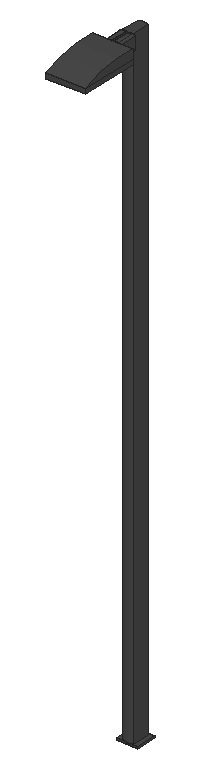
Revit family "VPS", category Lighting Fixtures, host Face, Revit 2014
Parameters (values of type "VP-S-24E2-45-AMB-2")
  Wattage Comments = ""
  Warranty = "5 year limited warranty"  # constant formula
  Voltage = 120 V
  URL = "https://www.hubbell.com/beacon/en/"
  Sensor Type = "Passive Infrared with Photoresistor"  # constant formula
  Product Page URL = "https://www.hubbell.com/hubbelllightingci/en/Products/Lighting-Controls/Commercial-Outdoor-Lighting/Area-Site-Roadway/Viper-Small-Strike-Optic/p/249168"
  Product Documentation Link = "https://hubbellcdn.com/specsheet/Viper_Small_LED_turtle_spec_sheet.pdf"
  Pole Height [instance] = 180.000"
  Pivot calc. = 89.00° + Pivot Angle + 1.00°  # 90.00°
  Pivot Angle = 0.00°
  Model = "Viper Small Strike Optic"  # constant formula
  Manufacturer = "Beacon Lighting"  # constant formula
  Light Source Height [instance] = Pole Height - 6.000"  # 174.000"
  Length = 22.750"
  Lamp = "LED"  # constant formula
  Industry Standards = "CSA C/US Listed"  # constant formula
  Height = 5.500"
  Head = Head : Small
  Finish = Basic Black Textured
  Description = "The Small Viper luminaire is available with a wide choice of different LED wattage configurations and optical distributions designed to replace HID lighting up to 400W MH or HPS. 4 different mounting options allow for application in a wide variety of new and existing installations."  # constant formula
  Default Elevation = 48.000"
  Create Date = "11/26/2019"  # constant formula
  Controls = "On/Off\r\nScheduled Dimming\r\nLuminaire Grouping\r\nOccupancy Detection\r\nDusk-to-Dawn Operation\r\nLumen Maintenance Compensation"  # constant formula
  Contact Us = "https://www.hubbell.com/hubbelllightingci/en/contactUs"
  Application = "Parking Area, Site Lighting"  # constant formula
  Apparent Load = 0 VA
Reference planes (in)
  plane 1 "Center (Front/Back)": y = 0
  plane 2: z = 0
  plane 3 "Center (Left/Right)": x = 0
  plane 4: x = -3
  plane 5: x = 3
  plane 6: y = -3
  plane 7: y = 3
  plane 8: z = 0.5
  plane 9: z = 5.5
  plane 10: z = 18.25
  plane 11: z = 174
Forms (in)
  Extrusion 1, solid, material "Basic Black Textured"
    sketch origin (0, 0, 0) x (1, 0, 0) y (0, 1, 0)
      loop
        line (-3, 3) -> (-3, -3) -> (3, -3) -> (3, 3) -> (-3, 3)
    from 0 to 0.5
  Extrusion 2, solid, material "Basic Black Textured" <- "Finish"
    sketch origin (0, 0, 0) x (1, 0, 0) y (0, 1, 0)
      loop
        arc (-1.54282, -2.57288) -> (-0.04944, -2.99959) -> (1.45718, -2.62233) r 3
        line (1.45718, -2.62233) -> (1.45718, 2.62233)
        arc (1.45718, 2.62233) -> (-0.04944, 2.99959) -> (-1.54282, 2.57288) r 3
        line (-1.54282, 2.57288) -> (-1.54282, -2.57288)
    from 0 to 180 <- "Pole Height"
Dimensions and locks (in)
  equal spacing: plane 4, plane 3 "Center (Left/Right)", plane 5, locked at 3 each
  plane 6 to plane 7 = 6.000"
  equal spacing: plane 6, plane 1 "Center (Front/Back)", plane 7, locked at 3 each
  locked: plane 8 to plane 2 at 0.5
  "Height": plane 9 to plane 2
  locked: plane 10 to plane 9 at 12.75
  "Light Source Height": plane 11 to plane 2
  aligned and locked: plane 2 to host face
  aligned and locked: level to host face
  aligned and locked: plane 7 to Extrusion 1 sketch curve
  aligned and locked: plane 4 to Extrusion 1 sketch curve
  aligned and locked: plane 6 to Extrusion 1 sketch curve
  aligned and locked: plane 5 to Extrusion 1 sketch curve
  aligned and locked: Extrusion 1 to plane 2
  aligned and locked: plane 8 to Extrusion 1
  aligned and locked: nested 1 to Extrusion 2
Automatic sketch dimensions
  host sketch curve to host sketch curve = 96.000"  (x2)
  Extrusion 2 sketch curve to Extrusion 2 sketch curve = 0.000"  (x2)
  plane 1 "Center (Front/Back)" to Extrusion 2 sketch curve = 0.000"
  Extrusion 2 sketch curve to plane 3 "Center (Left/Right)" = 0.000"
  plane 6 to Extrusion 2 sketch curve = 0.42712"
  plane 4 to Extrusion 2 sketch curve = 1.45718"
  plane 6 to Extrusion 2 sketch curve = 0.37767"
  plane 7 to Extrusion 2 sketch curve = 0.42712"
Nested families (in)
  nested 1: "Head" at (0.00228, -2.96102, 177.9375) x (1, 0.0008, 0) z (0.0008, -1, 0), type <- "Head", type "Small"
Connectors (in)
  electrical at (0, 0, 0), driven by "Voltage", driven by "Apparent Load"
    settings: on Extrusion 1, index 1, voltage 120 V, apparent load 0 VA, apparent load phase1 0 VA, apparent load phase2 0 VA, apparent load phase3 0 VA, power factor 1, load classification "Other", number of poles 1, system type 30, power factor state 1, is connector primary yes, connector utility no, sub classification motor no, connector description "Electrical Connector"
Definition of nested family "Head"
  Parameters (values of type "123")
    Wattage = 9.2903 W
    built-in parameter 1150110 = 1 (stored number, unit not read)
    URL = "http://www.beaconproducts.com/"
    built-in parameter 1114217 = 1 (stored number, unit not read)
    Tilt Angle = 60.00°
    built-in parameter 1150109 = 1 (stored number, unit not read)
    built-in parameter 1150134 = 3
    built-in parameter 1150113 = 1 (stored number, unit not read)
    Product Page URL = "http://www.beaconproducts.com/products/viper"
    Product Documentation Link = "http://www.beaconproducts.com/content/products/specs/specs_files/Viper_Large_LED_spec_sheet.pdf"
    Photometric Web File = "VP-S-24E2-45-AMB-2.ies"
    Model = "VP-L"
    Manufacturer = "Beacon Lighting"  # constant formula
    built-in parameter 1150105 = 109.82 (stored number, unit not read)
    Lumens = 1380 lm
    built-in parameter 1150115 = 1 (stored number, unit not read)
    built-in parameter 1150137 = (empty or 0)
    built-in parameter 1150139 = (empty or 0)
    Lens = White Glass
    Length = 21.750"
    built-in parameter 1150112 = 1 (stored number, unit not read)
    built-in parameter 1150114 = 1 (stored number, unit not read)
    built-in parameter 1150132 = (empty or 0)
    built-in parameter 1150102 = (empty or 0)
    built-in parameter 1150107 = 3200 (stored number, unit not read)
    built-in parameter 1150138 = (empty or 0)
    built-in parameter 1150106 = 1.0982 (stored number, unit not read)
    Finish = Basic Black Textured
    Emit from Rectangle Width = 10.000"
    Emit from Rectangle Length = 11.000"
    Emit Shape Visible in Rendering = no
    built-in parameter 1150104 = 13.8 (stored number, unit not read)
    Dimming Lamp Color Temperature Shift = (empty or 0)
    Color Filter = 16777215
    built-in parameter 1114218 = 1 (stored number, unit not read)
    built-in parameter 1150133 = 10 (stored number, unit not read)
  Reference planes (in)
    plane 1 "Center (Front/Back)": y = 0
    plane 2: z = 0
    plane 3 "Center (Left/Right)": x = 0
    plane 4: z = 21.75
    plane 5: x = -5.625
    plane 6: x = 5.625
    plane 7: y = 2.0625
    plane 8: y = -2.0625
    plane 9: x = -4.875
    plane 10: x = 4.875
    plane 11: z = 5
    plane 12: y = -0.67107
    plane 13: z = 13.75
    plane 14: z = 21
    plane 15: x = -4.875
    plane 16: x = 4.875
  Forms (in)
    Extrusion 1, solid, material "Basic Black Textured" <- "Finish"
      sketch origin (0, 0, 0) x (1, 0, 0) y (0, 0, 1)
        loop
          line (-5.625, 21.75) -> (-5.625, 5) -> (5.625, 5) -> (5.625, 21.75) -> (-5.625, 21.75)
        loop
          line (-4.875, 21) -> (-4.875, 11.71737) -> (4.875, 11.71737) -> (4.875, 21) -> (-4.875, 21)
      from 0.67107 to 2.0625
    Extrusion 2, solid, material "Basic Black Textured" <- "Finish"
      sketch origin (0, 0, 0) x (0, 1, 0) y (0, 0, 1)
        loop
          arc (2.0625, 5) -> (1.62607, 13.52683) -> (-0.67107, 21.75) r 38.66565
          line (-0.67107, 21.75) -> (-0.67107, 5) -> (2.0625, 5)
      from -5.625 to 5.625
    Extrusion 3, solid, material "White Glass" <- "Lens"
      sketch origin (0, 0, 0) x (1, 0, 0) y (0, 0, 1)
        loop
          line (-4.875, 21) -> (-4.875, 11.71737) -> (4.875, 11.71737) -> (4.875, 21) -> (-4.875, 21)
      from 0.67107 to 2.0625
    Extrusion 4, solid, material "Basic Black Textured" <- "Finish"
      sketch origin (0, 0, 0) x (1, 0, 0) y (0, 1, 0)
        loop
          arc (-1.49054, 2.0625) -> (-1.84409, 1.91605) -> (-1.99054, 1.5625) r 0.5
          line (-1.99054, 1.5625) -> (-1.99054, -1.58421)
          arc (-1.99054, -1.58421) -> (-1.81138, -2.01673) -> (-1.37887, -2.19588) r 0.61166
          line (-1.37887, -2.19588) -> (-0.37156, -2.19588)
          arc (-0.37156, -2.19588) -> (-0.27891, -2.1575) -> (-0.24054, -2.06485) r 0.13103
          line (-0.24054, -2.06485) -> (-0.24054, -1.8565)
          arc (-0.24054, -1.8565) -> (-0.22206, -1.8119) -> (-0.17746, -1.79342) r 0.06307
          line (-0.17746, -1.79342) -> (0.2077, -1.79342)
          arc (0.2077, -1.79342) -> (0.2443, -1.80858) -> (0.25946, -1.84519) r 0.05176
          line (0.25946, -1.84519) -> (0.25946, -2.07151)
          arc (0.25946, -2.07151) -> (0.29589, -2.15945) -> (0.38383, -2.19588) r 0.12437
          line (0.38383, -2.19588) -> (1.57542, -2.19588)
          arc (1.57542, -2.19588) -> (1.92898, -2.04943) -> (2.07542, -1.69588) r 0.5
          line (2.07542, -1.69588) -> (2.07542, 1.5625)
          arc (2.07542, 1.5625) -> (1.92898, 1.91605) -> (1.57542, 2.0625) r 0.5
          line (1.57542, 2.0625) -> (0.38383, 2.0625)
          arc (0.38383, 2.0625) -> (0.29589, 2.02607) -> (0.25946, 1.93813) r 0.12437
          line (0.25946, 1.93813) -> (0.25946, 1.71181)
          arc (0.25946, 1.71181) -> (0.2443, 1.67521) -> (0.2077, 1.66005) r 0.05176
          line (0.2077, 1.66005) -> (-0.17746, 1.66005)
          arc (-0.17746, 1.66005) -> (-0.22206, 1.67852) -> (-0.24054, 1.72312) r 0.06307
          line (-0.24054, 1.72312) -> (-0.24054, 1.93147)
          arc (-0.24054, 1.93147) -> (-0.27891, 2.02412) -> (-0.37156, 2.0625) r 0.13103
          line (-0.37156, 2.0625) -> (-1.49054, 2.0625)
      from 0 to 5
    Extrusion 5, solid
      sketch origin (0, 0, -3.125) x (1, 0, 0) y (0, 0, 1)
        loop
          spline (3.67605, 23.4154) -> (3.63163, 23.40688) -> (3.59025, 23.38191) -> (3.55471, 23.34218) -> (3.52744, 23.2904) -> (3.5103, 23.2301) -> (3.50445, 23.1654) -> (3.5103, 23.10069) -> (3.52744, 23.0404) -> (3.55471, 22.98862) -> (3.59025, 22.94889) -> (3.63163, 22.92392) -> (3.67605, 22.9154)
          spline (3.67605, 22.9154) -> (3.72046, 22.92392) -> (3.76185, 22.94889) -> (3.79739, 22.98862) -> (3.82466, 23.0404) -> (3.8418, 23.10069) -> (3.84765, 23.1654) -> (3.8418, 23.2301) -> (3.82466, 23.2904) -> (3.79739, 23.34218) -> (3.76185, 23.38191) -> (3.72046, 23.40688) -> (3.67605, 23.4154)
        loop
          spline (2.92605, 23.4154) -> (2.88163, 23.40688) -> (2.84025, 23.38191) -> (2.80471, 23.34218) -> (2.77744, 23.2904) -> (2.7603, 23.2301) -> (2.75445, 23.1654) -> (2.7603, 23.10069) -> (2.77744, 23.0404) -> (2.80471, 22.98862) -> (2.84025, 22.94889) -> (2.88163, 22.92392) -> (2.92605, 22.9154)
          spline (2.92605, 22.9154) -> (2.97046, 22.92392) -> (3.01185, 22.94889) -> (3.04739, 22.98862) -> (3.07466, 23.0404) -> (3.0918, 23.10069) -> (3.09765, 23.1654) -> (3.0918, 23.2301) -> (3.07466, 23.2904) -> (3.04739, 23.34218) -> (3.01185, 23.38191) -> (2.97046, 23.40688) -> (2.92605, 23.4154)
        loop
          spline (2.17605, 23.4154) -> (2.13163, 23.40688) -> (2.09025, 23.38191) -> (2.05471, 23.34218) -> (2.02744, 23.2904) -> (2.0103, 23.2301) -> (2.00445, 23.1654) -> (2.0103, 23.10069) -> (2.02744, 23.0404) -> (2.05471, 22.98862) -> (2.09025, 22.94889) -> (2.13163, 22.92392) -> (2.17605, 22.9154)
          spline (2.17605, 22.9154) -> (2.22046, 22.92392) -> (2.26185, 22.94889) -> (2.29739, 22.98862) -> (2.32466, 23.0404) -> (2.3418, 23.10069) -> (2.34765, 23.1654) -> (2.3418, 23.2301) -> (2.32466, 23.2904) -> (2.29739, 23.34218) -> (2.26185, 23.38191) -> (2.22046, 23.40688) -> (2.17605, 23.4154)
        loop
          spline (1.42605, 23.4154) -> (1.38163, 23.40688) -> (1.34025, 23.38191) -> (1.30471, 23.34218) -> (1.27744, 23.2904) -> (1.2603, 23.2301) -> (1.25445, 23.1654) -> (1.2603, 23.10069) -> (1.27744, 23.0404) -> (1.30471, 22.98862) -> (1.34025, 22.94889) -> (1.38163, 22.92392) -> (1.42605, 22.9154)
          spline (1.42605, 22.9154) -> (1.47046, 22.92392) -> (1.51185, 22.94889) -> (1.54739, 22.98862) -> (1.57466, 23.0404) -> (1.5918, 23.10069) -> (1.59765, 23.1654) -> (1.5918, 23.2301) -> (1.57466, 23.2904) -> (1.54739, 23.34218) -> (1.51185, 23.38191) -> (1.47046, 23.40688) -> (1.42605, 23.4154)
        loop
          spline (0.67605, 23.4154) -> (0.63163, 23.40688) -> (0.59025, 23.38191) -> (0.55471, 23.34218) -> (0.52744, 23.2904) -> (0.5103, 23.2301) -> (0.50445, 23.1654) -> (0.5103, 23.10069) -> (0.52744, 23.0404) -> (0.55471, 22.98862) -> (0.59025, 22.94889) -> (0.63163, 22.92392) -> (0.67605, 22.9154)
          spline (0.67605, 22.9154) -> (0.72046, 22.92392) -> (0.76185, 22.94889) -> (0.79739, 22.98862) -> (0.82466, 23.0404) -> (0.8418, 23.10069) -> (0.84765, 23.1654) -> (0.8418, 23.2301) -> (0.82466, 23.2904) -> (0.79739, 23.34218) -> (0.76185, 23.38191) -> (0.72046, 23.40688) -> (0.67605, 23.4154)
        loop
          spline (-3.67605, 23.4154) -> (-3.72046, 23.40688) -> (-3.76185, 23.38191) -> (-3.79739, 23.34218) -> (-3.82466, 23.2904) -> (-3.8418, 23.2301) -> (-3.84765, 23.1654) -> (-3.8418, 23.10069) -> (-3.82466, 23.0404) -> (-3.79739, 22.98862) -> (-3.76185, 22.94889) -> (-3.72046, 22.92392) -> (-3.67605, 22.9154)
          spline (-3.67605, 22.9154) -> (-3.63163, 22.92392) -> (-3.59025, 22.94889) -> (-3.55471, 22.98862) -> (-3.52744, 23.0404) -> (-3.5103, 23.10069) -> (-3.50445, 23.1654) -> (-3.5103, 23.2301) -> (-3.52744, 23.2904) -> (-3.55471, 23.34218) -> (-3.59025, 23.38191) -> (-3.63163, 23.40688) -> (-3.67605, 23.4154)
        loop
          spline (-2.92605, 23.4154) -> (-2.97046, 23.40688) -> (-3.01185, 23.38191) -> (-3.04739, 23.34218) -> (-3.07466, 23.2904) -> (-3.0918, 23.2301) -> (-3.09765, 23.1654) -> (-3.0918, 23.10069) -> (-3.07466, 23.0404) -> (-3.04739, 22.98862) -> (-3.01185, 22.94889) -> (-2.97046, 22.92392) -> (-2.92605, 22.9154)
          spline (-2.92605, 22.9154) -> (-2.88163, 22.92392) -> (-2.84025, 22.94889) -> (-2.80471, 22.98862) -> (-2.77744, 23.0404) -> (-2.7603, 23.10069) -> (-2.75445, 23.1654) -> (-2.7603, 23.2301) -> (-2.77744, 23.2904) -> (-2.80471, 23.34218) -> (-2.84025, 23.38191) -> (-2.88163, 23.40688) -> (-2.92605, 23.4154)
        loop
          spline (-2.17605, 23.4154) -> (-2.22046, 23.40688) -> (-2.26185, 23.38191) -> (-2.29739, 23.34218) -> (-2.32466, 23.2904) -> (-2.3418, 23.2301) -> (-2.34765, 23.1654) -> (-2.3418, 23.10069) -> (-2.32466, 23.0404) -> (-2.29739, 22.98862) -> (-2.26185, 22.94889) -> (-2.22046, 22.92392) -> (-2.17605, 22.9154)
          spline (-2.17605, 22.9154) -> (-2.13163, 22.92392) -> (-2.09025, 22.94889) -> (-2.05471, 22.98862) -> (-2.02744, 23.0404) -> (-2.0103, 23.10069) -> (-2.00445, 23.1654) -> (-2.0103, 23.2301) -> (-2.02744, 23.2904) -> (-2.05471, 23.34218) -> (-2.09025, 23.38191) -> (-2.13163, 23.40688) -> (-2.17605, 23.4154)
        loop
          spline (-1.42605, 23.4154) -> (-1.47046, 23.40688) -> (-1.51185, 23.38191) -> (-1.54739, 23.34218) -> (-1.57466, 23.2904) -> (-1.5918, 23.2301) -> (-1.59765, 23.1654) -> (-1.5918, 23.10069) -> (-1.57466, 23.0404) -> (-1.54739, 22.98862) -> (-1.51185, 22.94889) -> (-1.47046, 22.92392) -> (-1.42605, 22.9154)
          spline (-1.42605, 22.9154) -> (-1.38163, 22.92392) -> (-1.34025, 22.94889) -> (-1.30471, 22.98862) -> (-1.27744, 23.0404) -> (-1.2603, 23.10069) -> (-1.25445, 23.1654) -> (-1.2603, 23.2301) -> (-1.27744, 23.2904) -> (-1.30471, 23.34218) -> (-1.34025, 23.38191) -> (-1.38163, 23.40688) -> (-1.42605, 23.4154)
        loop
          spline (-0.67605, 23.4154) -> (-0.72046, 23.40688) -> (-0.76185, 23.38191) -> (-0.79739, 23.34218) -> (-0.82466, 23.2904) -> (-0.8418, 23.2301) -> (-0.84765, 23.1654) -> (-0.8418, 23.10069) -> (-0.82466, 23.0404) -> (-0.79739, 22.98862) -> (-0.76185, 22.94889) -> (-0.72046, 22.92392) -> (-0.67605, 22.9154)
          spline (-0.67605, 22.9154) -> (-0.63163, 22.92392) -> (-0.59025, 22.94889) -> (-0.55471, 22.98862) -> (-0.52744, 23.0404) -> (-0.5103, 23.10069) -> (-0.50445, 23.1654) -> (-0.5103, 23.2301) -> (-0.52744, 23.2904) -> (-0.55471, 23.34218) -> (-0.59025, 23.38191) -> (-0.63163, 23.40688) -> (-0.67605, 23.4154)
        loop
          spline (0, 23.4154) -> (-0.04441, 23.40688) -> (-0.0858, 23.38191) -> (-0.12134, 23.34218) -> (-0.14861, 23.2904) -> (-0.16575, 23.2301) -> (-0.1716, 23.1654) -> (-0.16575, 23.10069) -> (-0.14861, 23.0404) -> (-0.12134, 22.98862) -> (-0.0858, 22.94889) -> (-0.04441, 22.92392) -> (0, 22.9154)
          spline (0, 22.9154) -> (0.04441, 22.92392) -> (0.0858, 22.94889) -> (0.12134, 22.98862) -> (0.14861, 23.0404) -> (0.16575, 23.10069) -> (0.1716, 23.1654) -> (0.16575, 23.2301) -> (0.14861, 23.2904) -> (0.12134, 23.34218) -> (0.0858, 23.38191) -> (0.04441, 23.40688) -> (0, 23.4154)
        loop
          spline (3.67605, 21.9154) -> (3.63163, 21.90688) -> (3.59025, 21.88191) -> (3.55471, 21.84218) -> (3.52744, 21.7904) -> (3.5103, 21.7301) -> (3.50445, 21.6654) -> (3.5103, 21.60069) -> (3.52744, 21.5404) -> (3.55471, 21.48862) -> (3.59025, 21.44889) -> (3.63163, 21.42392) -> (3.67605, 21.4154)
          spline (3.67605, 21.4154) -> (3.72046, 21.42392) -> (3.76185, 21.44889) -> (3.79739, 21.48862) -> (3.82466, 21.5404) -> (3.8418, 21.60069) -> (3.84765, 21.6654) -> (3.8418, 21.7301) -> (3.82466, 21.7904) -> (3.79739, 21.84218) -> (3.76185, 21.88191) -> (3.72046, 21.90688) -> (3.67605, 21.9154)
        loop
          spline (2.92605, 21.9154) -> (2.88163, 21.90688) -> (2.84025, 21.88191) -> (2.80471, 21.84218) -> (2.77744, 21.7904) -> (2.7603, 21.7301) -> (2.75445, 21.6654) -> (2.7603, 21.60069) -> (2.77744, 21.5404) -> (2.80471, 21.48862) -> (2.84025, 21.44889) -> (2.88163, 21.42392) -> (2.92605, 21.4154)
          spline (2.92605, 21.4154) -> (2.97046, 21.42392) -> (3.01185, 21.44889) -> (3.04739, 21.48862) -> (3.07466, 21.5404) -> (3.0918, 21.60069) -> (3.09765, 21.6654) -> (3.0918, 21.7301) -> (3.07466, 21.7904) -> (3.04739, 21.84218) -> (3.01185, 21.88191) -> (2.97046, 21.90688) -> (2.92605, 21.9154)
        loop
          spline (2.17605, 21.9154) -> (2.13163, 21.90688) -> (2.09025, 21.88191) -> (2.05471, 21.84218) -> (2.02744, 21.7904) -> (2.0103, 21.7301) -> (2.00445, 21.6654) -> (2.0103, 21.60069) -> (2.02744, 21.5404) -> (2.05471, 21.48862) -> (2.09025, 21.44889) -> (2.13163, 21.42392) -> (2.17605, 21.4154)
          spline (2.17605, 21.4154) -> (2.22046, 21.42392) -> (2.26185, 21.44889) -> (2.29739, 21.48862) -> (2.32466, 21.5404) -> (2.3418, 21.60069) -> (2.34765, 21.6654) -> (2.3418, 21.7301) -> (2.32466, 21.7904) -> (2.29739, 21.84218) -> (2.26185, 21.88191) -> (2.22046, 21.90688) -> (2.17605, 21.9154)
        loop
          spline (1.42605, 21.9154) -> (1.38163, 21.90688) -> (1.34025, 21.88191) -> (1.30471, 21.84218) -> (1.27744, 21.7904) -> (1.2603, 21.7301) -> (1.25445, 21.6654) -> (1.2603, 21.60069) -> (1.27744, 21.5404) -> (1.30471, 21.48862) -> (1.34025, 21.44889) -> (1.38163, 21.42392) -> (1.42605, 21.4154)
          spline (1.42605, 21.4154) -> (1.47046, 21.42392) -> (1.51185, 21.44889) -> (1.54739, 21.48862) -> (1.57466, 21.5404) -> (1.5918, 21.60069) -> (1.59765, 21.6654) -> (1.5918, 21.7301) -> (1.57466, 21.7904) -> (1.54739, 21.84218) -> (1.51185, 21.88191) -> (1.47046, 21.90688) -> (1.42605, 21.9154)
        loop
          spline (0.67605, 21.9154) -> (0.63163, 21.90688) -> (0.59025, 21.88191) -> (0.55471, 21.84218) -> (0.52744, 21.7904) -> (0.5103, 21.7301) -> (0.50445, 21.6654) -> (0.5103, 21.60069) -> (0.52744, 21.5404) -> (0.55471, 21.48862) -> (0.59025, 21.44889) -> (0.63163, 21.42392) -> (0.67605, 21.4154)
          spline (0.67605, 21.4154) -> (0.72046, 21.42392) -> (0.76185, 21.44889) -> (0.79739, 21.48862) -> (0.82466, 21.5404) -> (0.8418, 21.60069) -> (0.84765, 21.6654) -> (0.8418, 21.7301) -> (0.82466, 21.7904) -> (0.79739, 21.84218) -> (0.76185, 21.88191) -> (0.72046, 21.90688) -> (0.67605, 21.9154)
        loop
          spline (-3.67605, 21.9154) -> (-3.72046, 21.90688) -> (-3.76185, 21.88191) -> (-3.79739, 21.84218) -> (-3.82466, 21.7904) -> (-3.8418, 21.7301) -> (-3.84765, 21.6654) -> (-3.8418, 21.60069) -> (-3.82466, 21.5404) -> (-3.79739, 21.48862) -> (-3.76185, 21.44889) -> (-3.72046, 21.42392) -> (-3.67605, 21.4154)
          spline (-3.67605, 21.4154) -> (-3.63163, 21.42392) -> (-3.59025, 21.44889) -> (-3.55471, 21.48862) -> (-3.52744, 21.5404) -> (-3.5103, 21.60069) -> (-3.50445, 21.6654) -> (-3.5103, 21.7301) -> (-3.52744, 21.7904) -> (-3.55471, 21.84218) -> (-3.59025, 21.88191) -> (-3.63163, 21.90688) -> (-3.67605, 21.9154)
        loop
          spline (-2.92605, 21.9154) -> (-2.97046, 21.90688) -> (-3.01185, 21.88191) -> (-3.04739, 21.84218) -> (-3.07466, 21.7904) -> (-3.0918, 21.7301) -> (-3.09765, 21.6654) -> (-3.0918, 21.60069) -> (-3.07466, 21.5404) -> (-3.04739, 21.48862) -> (-3.01185, 21.44889) -> (-2.97046, 21.42392) -> (-2.92605, 21.4154)
          spline (-2.92605, 21.4154) -> (-2.88163, 21.42392) -> (-2.84025, 21.44889) -> (-2.80471, 21.48862) -> (-2.77744, 21.5404) -> (-2.7603, 21.60069) -> (-2.75445, 21.6654) -> (-2.7603, 21.7301) -> (-2.77744, 21.7904) -> (-2.80471, 21.84218) -> (-2.84025, 21.88191) -> (-2.88163, 21.90688) -> (-2.92605, 21.9154)
        loop
          spline (-2.17605, 21.9154) -> (-2.22046, 21.90688) -> (-2.26185, 21.88191) -> (-2.29739, 21.84218) -> (-2.32466, 21.7904) -> (-2.3418, 21.7301) -> (-2.34765, 21.6654) -> (-2.3418, 21.60069) -> (-2.32466, 21.5404) -> (-2.29739, 21.48862) -> (-2.26185, 21.44889) -> (-2.22046, 21.42392) -> (-2.17605, 21.4154)
          spline (-2.17605, 21.4154) -> (-2.13163, 21.42392) -> (-2.09025, 21.44889) -> (-2.05471, 21.48862) -> (-2.02744, 21.5404) -> (-2.0103, 21.60069) -> (-2.00445, 21.6654) -> (-2.0103, 21.7301) -> (-2.02744, 21.7904) -> (-2.05471, 21.84218) -> (-2.09025, 21.88191) -> (-2.13163, 21.90688) -> (-2.17605, 21.9154)
        loop
          spline (-1.42605, 21.9154) -> (-1.47046, 21.90688) -> (-1.51185, 21.88191) -> (-1.54739, 21.84218) -> (-1.57466, 21.7904) -> (-1.5918, 21.7301) -> (-1.59765, 21.6654) -> (-1.5918, 21.60069) -> (-1.57466, 21.5404) -> (-1.54739, 21.48862) -> (-1.51185, 21.44889) -> (-1.47046, 21.42392) -> (-1.42605, 21.4154)
          spline (-1.42605, 21.4154) -> (-1.38163, 21.42392) -> (-1.34025, 21.44889) -> (-1.30471, 21.48862) -> (-1.27744, 21.5404) -> (-1.2603, 21.60069) -> (-1.25445, 21.6654) -> (-1.2603, 21.7301) -> (-1.27744, 21.7904) -> (-1.30471, 21.84218) -> (-1.34025, 21.88191) -> (-1.38163, 21.90688) -> (-1.42605, 21.9154)
        loop
          spline (-0.67605, 21.9154) -> (-0.72046, 21.90688) -> (-0.76185, 21.88191) -> (-0.79739, 21.84218) -> (-0.82466, 21.7904) -> (-0.8418, 21.7301) -> (-0.84765, 21.6654) -> (-0.8418, 21.60069) -> (-0.82466, 21.5404) -> (-0.79739, 21.48862) -> (-0.76185, 21.44889) -> (-0.72046, 21.42392) -> (-0.67605, 21.4154)
          spline (-0.67605, 21.4154) -> (-0.63163, 21.42392) -> (-0.59025, 21.44889) -> (-0.55471, 21.48862) -> (-0.52744, 21.5404) -> (-0.5103, 21.60069) -> (-0.50445, 21.6654) -> (-0.5103, 21.7301) -> (-0.52744, 21.7904) -> (-0.55471, 21.84218) -> (-0.59025, 21.88191) -> (-0.63163, 21.90688) -> (-0.67605, 21.9154)
        loop
          spline (0, 21.9154) -> (-0.04441, 21.90688) -> (-0.0858, 21.88191) -> (-0.12134, 21.84218) -> (-0.14861, 21.7904) -> (-0.16575, 21.7301) -> (-0.1716, 21.6654) -> (-0.16575, 21.60069) -> (-0.14861, 21.5404) -> (-0.12134, 21.48862) -> (-0.0858, 21.44889) -> (-0.04441, 21.42392) -> (0, 21.4154)
          spline (0, 21.4154) -> (0.04441, 21.42392) -> (0.0858, 21.44889) -> (0.12134, 21.48862) -> (0.14861, 21.5404) -> (0.16575, 21.60069) -> (0.1716, 21.6654) -> (0.16575, 21.7301) -> (0.14861, 21.7904) -> (0.12134, 21.84218) -> (0.0858, 21.88191) -> (0.04441, 21.90688) -> (0, 21.9154)
        loop
          spline (3.67605, 20.4154) -> (3.63163, 20.40688) -> (3.59025, 20.38191) -> (3.55471, 20.34218) -> (3.52744, 20.2904) -> (3.5103, 20.2301) -> (3.50445, 20.1654) -> (3.5103, 20.10069) -> (3.52744, 20.0404) -> (3.55471, 19.98862) -> (3.59025, 19.94889) -> (3.63163, 19.92392) -> (3.67605, 19.9154)
          spline (3.67605, 19.9154) -> (3.72046, 19.92392) -> (3.76185, 19.94889) -> (3.79739, 19.98862) -> (3.82466, 20.0404) -> (3.8418, 20.10069) -> (3.84765, 20.1654) -> (3.8418, 20.2301) -> (3.82466, 20.2904) -> (3.79739, 20.34218) -> (3.76185, 20.38191) -> (3.72046, 20.40688) -> (3.67605, 20.4154)
        loop
          spline (2.92605, 20.4154) -> (2.88163, 20.40688) -> (2.84025, 20.38191) -> (2.80471, 20.34218) -> (2.77744, 20.2904) -> (2.7603, 20.2301) -> (2.75445, 20.1654) -> (2.7603, 20.10069) -> (2.77744, 20.0404) -> (2.80471, 19.98862) -> (2.84025, 19.94889) -> (2.88163, 19.92392) -> (2.92605, 19.9154)
          spline (2.92605, 19.9154) -> (2.97046, 19.92392) -> (3.01185, 19.94889) -> (3.04739, 19.98862) -> (3.07466, 20.0404) -> (3.0918, 20.10069) -> (3.09765, 20.1654) -> (3.0918, 20.2301) -> (3.07466, 20.2904) -> (3.04739, 20.34218) -> (3.01185, 20.38191) -> (2.97046, 20.40688) -> (2.92605, 20.4154)
        loop
          spline (2.17605, 20.4154) -> (2.13163, 20.40688) -> (2.09025, 20.38191) -> (2.05471, 20.34218) -> (2.02744, 20.2904) -> (2.0103, 20.2301) -> (2.00445, 20.1654) -> (2.0103, 20.10069) -> (2.02744, 20.0404) -> (2.05471, 19.98862) -> (2.09025, 19.94889) -> (2.13163, 19.92392) -> (2.17605, 19.9154)
          spline (2.17605, 19.9154) -> (2.22046, 19.92392) -> (2.26185, 19.94889) -> (2.29739, 19.98862) -> (2.32466, 20.0404) -> (2.3418, 20.10069) -> (2.34765, 20.1654) -> (2.3418, 20.2301) -> (2.32466, 20.2904) -> (2.29739, 20.34218) -> (2.26185, 20.38191) -> (2.22046, 20.40688) -> (2.17605, 20.4154)
        loop
          spline (1.42605, 20.4154) -> (1.38163, 20.40688) -> (1.34025, 20.38191) -> (1.30471, 20.34218) -> (1.27744, 20.2904) -> (1.2603, 20.2301) -> (1.25445, 20.1654) -> (1.2603, 20.10069) -> (1.27744, 20.0404) -> (1.30471, 19.98862) -> (1.34025, 19.94889) -> (1.38163, 19.92392) -> (1.42605, 19.9154)
          spline (1.42605, 19.9154) -> (1.47046, 19.92392) -> (1.51185, 19.94889) -> (1.54739, 19.98862) -> (1.57466, 20.0404) -> (1.5918, 20.10069) -> (1.59765, 20.1654) -> (1.5918, 20.2301) -> (1.57466, 20.2904) -> (1.54739, 20.34218) -> (1.51185, 20.38191) -> (1.47046, 20.40688) -> (1.42605, 20.4154)
        loop
          spline (0.67605, 20.4154) -> (0.63163, 20.40688) -> (0.59025, 20.38191) -> (0.55471, 20.34218) -> (0.52744, 20.2904) -> (0.5103, 20.2301) -> (0.50445, 20.1654) -> (0.5103, 20.10069) -> (0.52744, 20.0404) -> (0.55471, 19.98862) -> (0.59025, 19.94889) -> (0.63163, 19.92392) -> (0.67605, 19.9154)
          spline (0.67605, 19.9154) -> (0.72046, 19.92392) -> (0.76185, 19.94889) -> (0.79739, 19.98862) -> (0.82466, 20.0404) -> (0.8418, 20.10069) -> (0.84765, 20.1654) -> (0.8418, 20.2301) -> (0.82466, 20.2904) -> (0.79739, 20.34218) -> (0.76185, 20.38191) -> (0.72046, 20.40688) -> (0.67605, 20.4154)
        loop
          spline (-3.67605, 20.4154) -> (-3.72046, 20.40688) -> (-3.76185, 20.38191) -> (-3.79739, 20.34218) -> (-3.82466, 20.2904) -> (-3.8418, 20.2301) -> (-3.84765, 20.1654) -> (-3.8418, 20.10069) -> (-3.82466, 20.0404) -> (-3.79739, 19.98862) -> (-3.76185, 19.94889) -> (-3.72046, 19.92392) -> (-3.67605, 19.9154)
          spline (-3.67605, 19.9154) -> (-3.63163, 19.92392) -> (-3.59025, 19.94889) -> (-3.55471, 19.98862) -> (-3.52744, 20.0404) -> (-3.5103, 20.10069) -> (-3.50445, 20.1654) -> (-3.5103, 20.2301) -> (-3.52744, 20.2904) -> (-3.55471, 20.34218) -> (-3.59025, 20.38191) -> (-3.63163, 20.40688) -> (-3.67605, 20.4154)
        loop
          spline (-2.92605, 20.4154) -> (-2.97046, 20.40688) -> (-3.01185, 20.38191) -> (-3.04739, 20.34218) -> (-3.07466, 20.2904) -> (-3.0918, 20.2301) -> (-3.09765, 20.1654) -> (-3.0918, 20.10069) -> (-3.07466, 20.0404) -> (-3.04739, 19.98862) -> (-3.01185, 19.94889) -> (-2.97046, 19.92392) -> (-2.92605, 19.9154)
          spline (-2.92605, 19.9154) -> (-2.88163, 19.92392) -> (-2.84025, 19.94889) -> (-2.80471, 19.98862) -> (-2.77744, 20.0404) -> (-2.7603, 20.10069) -> (-2.75445, 20.1654) -> (-2.7603, 20.2301) -> (-2.77744, 20.2904) -> (-2.80471, 20.34218) -> (-2.84025, 20.38191) -> (-2.88163, 20.40688) -> (-2.92605, 20.4154)
        loop
          spline (-2.17605, 20.4154) -> (-2.22046, 20.40688) -> (-2.26185, 20.38191) -> (-2.29739, 20.34218) -> (-2.32466, 20.2904) -> (-2.3418, 20.2301) -> (-2.34765, 20.1654) -> (-2.3418, 20.10069) -> (-2.32466, 20.0404) -> (-2.29739, 19.98862) -> (-2.26185, 19.94889) -> (-2.22046, 19.92392) -> (-2.17605, 19.9154)
          spline (-2.17605, 19.9154) -> (-2.13163, 19.92392) -> (-2.09025, 19.94889) -> (-2.05471, 19.98862) -> (-2.02744, 20.0404) -> (-2.0103, 20.10069) -> (-2.00445, 20.1654) -> (-2.0103, 20.2301) -> (-2.02744, 20.2904) -> (-2.05471, 20.34218) -> (-2.09025, 20.38191) -> (-2.13163, 20.40688) -> (-2.17605, 20.4154)
        loop
          spline (-1.42605, 20.4154) -> (-1.47046, 20.40688) -> (-1.51185, 20.38191) -> (-1.54739, 20.34218) -> (-1.57466, 20.2904) -> (-1.5918, 20.2301) -> (-1.59765, 20.1654) -> (-1.5918, 20.10069) -> (-1.57466, 20.0404) -> (-1.54739, 19.98862) -> (-1.51185, 19.94889) -> (-1.47046, 19.92392) -> (-1.42605, 19.9154)
          spline (-1.42605, 19.9154) -> (-1.38163, 19.92392) -> (-1.34025, 19.94889) -> (-1.30471, 19.98862) -> (-1.27744, 20.0404) -> (-1.2603, 20.10069) -> (-1.25445, 20.1654) -> (-1.2603, 20.2301) -> (-1.27744, 20.2904) -> (-1.30471, 20.34218) -> (-1.34025, 20.38191) -> (-1.38163, 20.40688) -> (-1.42605, 20.4154)
        loop
          spline (-0.67605, 20.4154) -> (-0.72046, 20.40688) -> (-0.76185, 20.38191) -> (-0.79739, 20.34218) -> (-0.82466, 20.2904) -> (-0.8418, 20.2301) -> (-0.84765, 20.1654) -> (-0.8418, 20.10069) -> (-0.82466, 20.0404) -> (-0.79739, 19.98862) -> (-0.76185, 19.94889) -> (-0.72046, 19.92392) -> (-0.67605, 19.9154)
          spline (-0.67605, 19.9154) -> (-0.63163, 19.92392) -> (-0.59025, 19.94889) -> (-0.55471, 19.98862) -> (-0.52744, 20.0404) -> (-0.5103, 20.10069) -> (-0.50445, 20.1654) -> (-0.5103, 20.2301) -> (-0.52744, 20.2904) -> (-0.55471, 20.34218) -> (-0.59025, 20.38191) -> (-0.63163, 20.40688) -> (-0.67605, 20.4154)
        loop
          spline (0, 20.4154) -> (-0.04441, 20.40688) -> (-0.0858, 20.38191) -> (-0.12134, 20.34218) -> (-0.14861, 20.2904) -> (-0.16575, 20.2301) -> (-0.1716, 20.1654) -> (-0.16575, 20.10069) -> (-0.14861, 20.0404) -> (-0.12134, 19.98862) -> (-0.0858, 19.94889) -> (-0.04441, 19.92392) -> (0, 19.9154)
          spline (0, 19.9154) -> (0.04441, 19.92392) -> (0.0858, 19.94889) -> (0.12134, 19.98862) -> (0.14861, 20.0404) -> (0.16575, 20.10069) -> (0.1716, 20.1654) -> (0.16575, 20.2301) -> (0.14861, 20.2904) -> (0.12134, 20.34218) -> (0.0858, 20.38191) -> (0.04441, 20.40688) -> (0, 20.4154)
        loop
          spline (3.67605, 18.9154) -> (3.63163, 18.90688) -> (3.59025, 18.88191) -> (3.55471, 18.84218) -> (3.52744, 18.7904) -> (3.5103, 18.7301) -> (3.50445, 18.6654) -> (3.5103, 18.60069) -> (3.52744, 18.5404) -> (3.55471, 18.48862) -> (3.59025, 18.44889) -> (3.63163, 18.42392) -> (3.67605, 18.4154)
          spline (3.67605, 18.4154) -> (3.72046, 18.42392) -> (3.76185, 18.44889) -> (3.79739, 18.48862) -> (3.82466, 18.5404) -> (3.8418, 18.60069) -> (3.84765, 18.6654) -> (3.8418, 18.7301) -> (3.82466, 18.7904) -> (3.79739, 18.84218) -> (3.76185, 18.88191) -> (3.72046, 18.90688) -> (3.67605, 18.9154)
        loop
          spline (2.92605, 18.9154) -> (2.88163, 18.90688) -> (2.84025, 18.88191) -> (2.80471, 18.84218) -> (2.77744, 18.7904) -> (2.7603, 18.7301) -> (2.75445, 18.6654) -> (2.7603, 18.60069) -> (2.77744, 18.5404) -> (2.80471, 18.48862) -> (2.84025, 18.44889) -> (2.88163, 18.42392) -> (2.92605, 18.4154)
          spline (2.92605, 18.4154) -> (2.97046, 18.42392) -> (3.01185, 18.44889) -> (3.04739, 18.48862) -> (3.07466, 18.5404) -> (3.0918, 18.60069) -> (3.09765, 18.6654) -> (3.0918, 18.7301) -> (3.07466, 18.7904) -> (3.04739, 18.84218) -> (3.01185, 18.88191) -> (2.97046, 18.90688) -> (2.92605, 18.9154)
        loop
          spline (2.17605, 18.9154) -> (2.13163, 18.90688) -> (2.09025, 18.88191) -> (2.05471, 18.84218) -> (2.02744, 18.7904) -> (2.0103, 18.7301) -> (2.00445, 18.6654) -> (2.0103, 18.60069) -> (2.02744, 18.5404) -> (2.05471, 18.48862) -> (2.09025, 18.44889) -> (2.13163, 18.42392) -> (2.17605, 18.4154)
          spline (2.17605, 18.4154) -> (2.22046, 18.42392) -> (2.26185, 18.44889) -> (2.29739, 18.48862) -> (2.32466, 18.5404) -> (2.3418, 18.60069) -> (2.34765, 18.6654) -> (2.3418, 18.7301) -> (2.32466, 18.7904) -> (2.29739, 18.84218) -> (2.26185, 18.88191) -> (2.22046, 18.90688) -> (2.17605, 18.9154)
        loop
          spline (1.42605, 18.9154) -> (1.38163, 18.90688) -> (1.34025, 18.88191) -> (1.30471, 18.84218) -> (1.27744, 18.7904) -> (1.2603, 18.7301) -> (1.25445, 18.6654) -> (1.2603, 18.60069) -> (1.27744, 18.5404) -> (1.30471, 18.48862) -> (1.34025, 18.44889) -> (1.38163, 18.42392) -> (1.42605, 18.4154)
          spline (1.42605, 18.4154) -> (1.47046, 18.42392) -> (1.51185, 18.44889) -> (1.54739, 18.48862) -> (1.57466, 18.5404) -> (1.5918, 18.60069) -> (1.59765, 18.6654) -> (1.5918, 18.7301) -> (1.57466, 18.7904) -> (1.54739, 18.84218) -> (1.51185, 18.88191) -> (1.47046, 18.90688) -> (1.42605, 18.9154)
        loop
          spline (0.67605, 18.9154) -> (0.63163, 18.90688) -> (0.59025, 18.88191) -> (0.55471, 18.84218) -> (0.52744, 18.7904) -> (0.5103, 18.7301) -> (0.50445, 18.6654) -> (0.5103, 18.60069) -> (0.52744, 18.5404) -> (0.55471, 18.48862) -> (0.59025, 18.44889) -> (0.63163, 18.42392) -> (0.67605, 18.4154)
          spline (0.67605, 18.4154) -> (0.72046, 18.42392) -> (0.76185, 18.44889) -> (0.79739, 18.48862) -> (0.82466, 18.5404) -> (0.8418, 18.60069) -> (0.84765, 18.6654) -> (0.8418, 18.7301) -> (0.82466, 18.7904) -> (0.79739, 18.84218) -> (0.76185, 18.88191) -> (0.72046, 18.90688) -> (0.67605, 18.9154)
        loop
          spline (-3.67605, 18.9154) -> (-3.72046, 18.90688) -> (-3.76185, 18.88191) -> (-3.79739, 18.84218) -> (-3.82466, 18.7904) -> (-3.8418, 18.7301) -> (-3.84765, 18.6654) -> (-3.8418, 18.60069) -> (-3.82466, 18.5404) -> (-3.79739, 18.48862) -> (-3.76185, 18.44889) -> (-3.72046, 18.42392) -> (-3.67605, 18.4154)
          spline (-3.67605, 18.4154) -> (-3.63163, 18.42392) -> (-3.59025, 18.44889) -> (-3.55471, 18.48862) -> (-3.52744, 18.5404) -> (-3.5103, 18.60069) -> (-3.50445, 18.6654) -> (-3.5103, 18.7301) -> (-3.52744, 18.7904) -> (-3.55471, 18.84218) -> (-3.59025, 18.88191) -> (-3.63163, 18.90688) -> (-3.67605, 18.9154)
        loop
          spline (-2.92605, 18.9154) -> (-2.97046, 18.90688) -> (-3.01185, 18.88191) -> (-3.04739, 18.84218) -> (-3.07466, 18.7904) -> (-3.0918, 18.7301) -> (-3.09765, 18.6654) -> (-3.0918, 18.60069) -> (-3.07466, 18.5404) -> (-3.04739, 18.48862) -> (-3.01185, 18.44889) -> (-2.97046, 18.42392) -> (-2.92605, 18.4154)
          spline (-2.92605, 18.4154) -> (-2.88163, 18.42392) -> (-2.84025, 18.44889) -> (-2.80471, 18.48862) -> (-2.77744, 18.5404) -> (-2.7603, 18.60069) -> (-2.75445, 18.6654) -> (-2.7603, 18.7301) -> (-2.77744, 18.7904) -> (-2.80471, 18.84218) -> (-2.84025, 18.88191) -> (-2.88163, 18.90688) -> (-2.92605, 18.9154)
        loop
          spline (-2.17605, 18.9154) -> (-2.22046, 18.90688) -> (-2.26185, 18.88191) -> (-2.29739, 18.84218) -> (-2.32466, 18.7904) -> (-2.3418, 18.7301) -> (-2.34765, 18.6654) -> (-2.3418, 18.60069) -> (-2.32466, 18.5404) -> (-2.29739, 18.48862) -> (-2.26185, 18.44889) -> (-2.22046, 18.42392) -> (-2.17605, 18.4154)
          spline (-2.17605, 18.4154) -> (-2.13163, 18.42392) -> (-2.09025, 18.44889) -> (-2.05471, 18.48862) -> (-2.02744, 18.5404) -> (-2.0103, 18.60069) -> (-2.00445, 18.6654) -> (-2.0103, 18.7301) -> (-2.02744, 18.7904) -> (-2.05471, 18.84218) -> (-2.09025, 18.88191) -> (-2.13163, 18.90688) -> (-2.17605, 18.9154)
        loop
          spline (-1.42605, 18.9154) -> (-1.47046, 18.90688) -> (-1.51185, 18.88191) -> (-1.54739, 18.84218) -> (-1.57466, 18.7904) -> (-1.5918, 18.7301) -> (-1.59765, 18.6654) -> (-1.5918, 18.60069) -> (-1.57466, 18.5404) -> (-1.54739, 18.48862) -> (-1.51185, 18.44889) -> (-1.47046, 18.42392) -> (-1.42605, 18.4154)
          spline (-1.42605, 18.4154) -> (-1.38163, 18.42392) -> (-1.34025, 18.44889) -> (-1.30471, 18.48862) -> (-1.27744, 18.5404) -> (-1.2603, 18.60069) -> (-1.25445, 18.6654) -> (-1.2603, 18.7301) -> (-1.27744, 18.7904) -> (-1.30471, 18.84218) -> (-1.34025, 18.88191) -> (-1.38163, 18.90688) -> (-1.42605, 18.9154)
        loop
          spline (-0.67605, 18.9154) -> (-0.72046, 18.90688) -> (-0.76185, 18.88191) -> (-0.79739, 18.84218) -> (-0.82466, 18.7904) -> (-0.8418, 18.7301) -> (-0.84765, 18.6654) -> (-0.8418, 18.60069) -> (-0.82466, 18.5404) -> (-0.79739, 18.48862) -> (-0.76185, 18.44889) -> (-0.72046, 18.42392) -> (-0.67605, 18.4154)
          spline (-0.67605, 18.4154) -> (-0.63163, 18.42392) -> (-0.59025, 18.44889) -> (-0.55471, 18.48862) -> (-0.52744, 18.5404) -> (-0.5103, 18.60069) -> (-0.50445, 18.6654) -> (-0.5103, 18.7301) -> (-0.52744, 18.7904) -> (-0.55471, 18.84218) -> (-0.59025, 18.88191) -> (-0.63163, 18.90688) -> (-0.67605, 18.9154)
        loop
          spline (0, 18.9154) -> (-0.04441, 18.90688) -> (-0.0858, 18.88191) -> (-0.12134, 18.84218) -> (-0.14861, 18.7904) -> (-0.16575, 18.7301) -> (-0.1716, 18.6654) -> (-0.16575, 18.60069) -> (-0.14861, 18.5404) -> (-0.12134, 18.48862) -> (-0.0858, 18.44889) -> (-0.04441, 18.42392) -> (0, 18.4154)
          spline (0, 18.4154) -> (0.04441, 18.42392) -> (0.0858, 18.44889) -> (0.12134, 18.48862) -> (0.14861, 18.5404) -> (0.16575, 18.60069) -> (0.1716, 18.6654) -> (0.16575, 18.7301) -> (0.14861, 18.7904) -> (0.12134, 18.84218) -> (0.0858, 18.88191) -> (0.04441, 18.90688) -> (0, 18.9154)
        loop
          spline (3.67605, 17.4154) -> (3.63163, 17.40688) -> (3.59025, 17.38191) -> (3.55471, 17.34218) -> (3.52744, 17.2904) -> (3.5103, 17.2301) -> (3.50445, 17.1654) -> (3.5103, 17.10069) -> (3.52744, 17.0404) -> (3.55471, 16.98862) -> (3.59025, 16.94889) -> (3.63163, 16.92392) -> (3.67605, 16.9154)
          spline (3.67605, 16.9154) -> (3.72046, 16.92392) -> (3.76185, 16.94889) -> (3.79739, 16.98862) -> (3.82466, 17.0404) -> (3.8418, 17.10069) -> (3.84765, 17.1654) -> (3.8418, 17.2301) -> (3.82466, 17.2904) -> (3.79739, 17.34218) -> (3.76185, 17.38191) -> (3.72046, 17.40688) -> (3.67605, 17.4154)
        loop
          spline (2.92605, 17.4154) -> (2.88163, 17.40688) -> (2.84025, 17.38191) -> (2.80471, 17.34218) -> (2.77744, 17.2904) -> (2.7603, 17.2301) -> (2.75445, 17.1654) -> (2.7603, 17.10069) -> (2.77744, 17.0404) -> (2.80471, 16.98862) -> (2.84025, 16.94889) -> (2.88163, 16.92392) -> (2.92605, 16.9154)
          spline (2.92605, 16.9154) -> (2.97046, 16.92392) -> (3.01185, 16.94889) -> (3.04739, 16.98862) -> (3.07466, 17.0404) -> (3.0918, 17.10069) -> (3.09765, 17.1654) -> (3.0918, 17.2301) -> (3.07466, 17.2904) -> (3.04739, 17.34218) -> (3.01185, 17.38191) -> (2.97046, 17.40688) -> (2.92605, 17.4154)
        loop
          spline (2.17605, 17.4154) -> (2.13163, 17.40688) -> (2.09025, 17.38191) -> (2.05471, 17.34218) -> (2.02744, 17.2904) -> (2.0103, 17.2301) -> (2.00445, 17.1654) -> (2.0103, 17.10069) -> (2.02744, 17.0404) -> (2.05471, 16.98862) -> (2.09025, 16.94889) -> (2.13163, 16.92392) -> (2.17605, 16.9154)
          spline (2.17605, 16.9154) -> (2.22046, 16.92392) -> (2.26185, 16.94889) -> (2.29739, 16.98862) -> (2.32466, 17.0404) -> (2.3418, 17.10069) -> (2.34765, 17.1654) -> (2.3418, 17.2301) -> (2.32466, 17.2904) -> (2.29739, 17.34218) -> (2.26185, 17.38191) -> (2.22046, 17.40688) -> (2.17605, 17.4154)
        loop
          spline (1.42605, 17.4154) -> (1.38163, 17.40688) -> (1.34025, 17.38191) -> (1.30471, 17.34218) -> (1.27744, 17.2904) -> (1.2603, 17.2301) -> (1.25445, 17.1654) -> (1.2603, 17.10069) -> (1.27744, 17.0404) -> (1.30471, 16.98862) -> (1.34025, 16.94889) -> (1.38163, 16.92392) -> (1.42605, 16.9154)
          spline (1.42605, 16.9154) -> (1.47046, 16.92392) -> (1.51185, 16.94889) -> (1.54739, 16.98862) -> (1.57466, 17.0404) -> (1.5918, 17.10069) -> (1.59765, 17.1654) -> (1.5918, 17.2301) -> (1.57466, 17.2904) -> (1.54739, 17.34218) -> (1.51185, 17.38191) -> (1.47046, 17.40688) -> (1.42605, 17.4154)
        loop
          spline (0.67605, 17.4154) -> (0.63163, 17.40688) -> (0.59025, 17.38191) -> (0.55471, 17.34218) -> (0.52744, 17.2904) -> (0.5103, 17.2301) -> (0.50445, 17.1654) -> (0.5103, 17.10069) -> (0.52744, 17.0404) -> (0.55471, 16.98862) -> (0.59025, 16.94889) -> (0.63163, 16.92392) -> (0.67605, 16.9154)
          spline (0.67605, 16.9154) -> (0.72046, 16.92392) -> (0.76185, 16.94889) -> (0.79739, 16.98862) -> (0.82466, 17.0404) -> (0.8418, 17.10069) -> (0.84765, 17.1654) -> (0.8418, 17.2301) -> (0.82466, 17.2904) -> (0.79739, 17.34218) -> (0.76185, 17.38191) -> (0.72046, 17.40688) -> (0.67605, 17.4154)
        loop
          spline (-3.67605, 17.4154) -> (-3.72046, 17.40688) -> (-3.76185, 17.38191) -> (-3.79739, 17.34218) -> (-3.82466, 17.2904) -> (-3.8418, 17.2301) -> (-3.84765, 17.1654) -> (-3.8418, 17.10069) -> (-3.82466, 17.0404) -> (-3.79739, 16.98862) -> (-3.76185, 16.94889) -> (-3.72046, 16.92392) -> (-3.67605, 16.9154)
          spline (-3.67605, 16.9154) -> (-3.63163, 16.92392) -> (-3.59025, 16.94889) -> (-3.55471, 16.98862) -> (-3.52744, 17.0404) -> (-3.5103, 17.10069) -> (-3.50445, 17.1654) -> (-3.5103, 17.2301) -> (-3.52744, 17.2904) -> (-3.55471, 17.34218) -> (-3.59025, 17.38191) -> (-3.63163, 17.40688) -> (-3.67605, 17.4154)
        loop
          spline (-2.92605, 17.4154) -> (-2.97046, 17.40688) -> (-3.01185, 17.38191) -> (-3.04739, 17.34218) -> (-3.07466, 17.2904) -> (-3.0918, 17.2301) -> (-3.09765, 17.1654) -> (-3.0918, 17.10069) -> (-3.07466, 17.0404) -> (-3.04739, 16.98862) -> (-3.01185, 16.94889) -> (-2.97046, 16.92392) -> (-2.92605, 16.9154)
          spline (-2.92605, 16.9154) -> (-2.88163, 16.92392) -> (-2.84025, 16.94889) -> (-2.80471, 16.98862) -> (-2.77744, 17.0404) -> (-2.7603, 17.10069) -> (-2.75445, 17.1654) -> (-2.7603, 17.2301) -> (-2.77744, 17.2904) -> (-2.80471, 17.34218) -> (-2.84025, 17.38191) -> (-2.88163, 17.40688) -> (-2.92605, 17.4154)
        loop
          spline (-2.17605, 17.4154) -> (-2.22046, 17.40688) -> (-2.26185, 17.38191) -> (-2.29739, 17.34218) -> (-2.32466, 17.2904) -> (-2.3418, 17.2301) -> (-2.34765, 17.1654) -> (-2.3418, 17.10069) -> (-2.32466, 17.0404) -> (-2.29739, 16.98862) -> (-2.26185, 16.94889) -> (-2.22046, 16.92392) -> (-2.17605, 16.9154)
          spline (-2.17605, 16.9154) -> (-2.13163, 16.92392) -> (-2.09025, 16.94889) -> (-2.05471, 16.98862) -> (-2.02744, 17.0404) -> (-2.0103, 17.10069) -> (-2.00445, 17.1654) -> (-2.0103, 17.2301) -> (-2.02744, 17.2904) -> (-2.05471, 17.34218) -> (-2.09025, 17.38191) -> (-2.13163, 17.40688) -> (-2.17605, 17.4154)
        loop
          spline (-1.42605, 17.4154) -> (-1.47046, 17.40688) -> (-1.51185, 17.38191) -> (-1.54739, 17.34218) -> (-1.57466, 17.2904) -> (-1.5918, 17.2301) -> (-1.59765, 17.1654) -> (-1.5918, 17.10069) -> (-1.57466, 17.0404) -> (-1.54739, 16.98862) -> (-1.51185, 16.94889) -> (-1.47046, 16.92392) -> (-1.42605, 16.9154)
          spline (-1.42605, 16.9154) -> (-1.38163, 16.92392) -> (-1.34025, 16.94889) -> (-1.30471, 16.98862) -> (-1.27744, 17.0404) -> (-1.2603, 17.10069) -> (-1.25445, 17.1654) -> (-1.2603, 17.2301) -> (-1.27744, 17.2904) -> (-1.30471, 17.34218) -> (-1.34025, 17.38191) -> (-1.38163, 17.40688) -> (-1.42605, 17.4154)
        loop
          spline (-0.67605, 17.4154) -> (-0.72046, 17.40688) -> (-0.76185, 17.38191) -> (-0.79739, 17.34218) -> (-0.82466, 17.2904) -> (-0.8418, 17.2301) -> (-0.84765, 17.1654) -> (-0.8418, 17.10069) -> (-0.82466, 17.0404) -> (-0.79739, 16.98862) -> (-0.76185, 16.94889) -> (-0.72046, 16.92392) -> (-0.67605, 16.9154)
          spline (-0.67605, 16.9154) -> (-0.63163, 16.92392) -> (-0.59025, 16.94889) -> (-0.55471, 16.98862) -> (-0.52744, 17.0404) -> (-0.5103, 17.10069) -> (-0.50445, 17.1654) -> (-0.5103, 17.2301) -> (-0.52744, 17.2904) -> (-0.55471, 17.34218) -> (-0.59025, 17.38191) -> (-0.63163, 17.40688) -> (-0.67605, 17.4154)
        loop
          spline (0, 17.4154) -> (-0.04441, 17.40688) -> (-0.0858, 17.38191) -> (-0.12134, 17.34218) -> (-0.14861, 17.2904) -> (-0.16575, 17.2301) -> (-0.1716, 17.1654) -> (-0.16575, 17.10069) -> (-0.14861, 17.0404) -> (-0.12134, 16.98862) -> (-0.0858, 16.94889) -> (-0.04441, 16.92392) -> (0, 16.9154)
          spline (0, 16.9154) -> (0.04441, 16.92392) -> (0.0858, 16.94889) -> (0.12134, 16.98862) -> (0.14861, 17.0404) -> (0.16575, 17.10069) -> (0.1716, 17.1654) -> (0.16575, 17.2301) -> (0.14861, 17.2904) -> (0.12134, 17.34218) -> (0.0858, 17.38191) -> (0.04441, 17.40688) -> (0, 17.4154)
        loop
          spline (3.67605, 15.9154) -> (3.63163, 15.90688) -> (3.59025, 15.88191) -> (3.55471, 15.84218) -> (3.52744, 15.7904) -> (3.5103, 15.7301) -> (3.50445, 15.6654) -> (3.5103, 15.60069) -> (3.52744, 15.5404) -> (3.55471, 15.48862) -> (3.59025, 15.44889) -> (3.63163, 15.42392) -> (3.67605, 15.4154)
          spline (3.67605, 15.4154) -> (3.72046, 15.42392) -> (3.76185, 15.44889) -> (3.79739, 15.48862) -> (3.82466, 15.5404) -> (3.8418, 15.60069) -> (3.84765, 15.6654) -> (3.8418, 15.7301) -> (3.82466, 15.7904) -> (3.79739, 15.84218) -> (3.76185, 15.88191) -> (3.72046, 15.90688) -> (3.67605, 15.9154)
        loop
          spline (2.92605, 15.9154) -> (2.88163, 15.90688) -> (2.84025, 15.88191) -> (2.80471, 15.84218) -> (2.77744, 15.7904) -> (2.7603, 15.7301) -> (2.75445, 15.6654) -> (2.7603, 15.60069) -> (2.77744, 15.5404) -> (2.80471, 15.48862) -> (2.84025, 15.44889) -> (2.88163, 15.42392) -> (2.92605, 15.4154)
          spline (2.92605, 15.4154) -> (2.97046, 15.42392) -> (3.01185, 15.44889) -> (3.04739, 15.48862) -> (3.07466, 15.5404) -> (3.0918, 15.60069) -> (3.09765, 15.6654) -> (3.0918, 15.7301) -> (3.07466, 15.7904) -> (3.04739, 15.84218) -> (3.01185, 15.88191) -> (2.97046, 15.90688) -> (2.92605, 15.9154)
        loop
          spline (2.17605, 15.9154) -> (2.13163, 15.90688) -> (2.09025, 15.88191) -> (2.05471, 15.84218) -> (2.02744, 15.7904) -> (2.0103, 15.7301) -> (2.00445, 15.6654) -> (2.0103, 15.60069) -> (2.02744, 15.5404) -> (2.05471, 15.48862) -> (2.09025, 15.44889) -> (2.13163, 15.42392) -> (2.17605, 15.4154)
          spline (2.17605, 15.4154) -> (2.22046, 15.42392) -> (2.26185, 15.44889) -> (2.29739, 15.48862) -> (2.32466, 15.5404) -> (2.3418, 15.60069) -> (2.34765, 15.6654) -> (2.3418, 15.7301) -> (2.32466, 15.7904) -> (2.29739, 15.84218) -> (2.26185, 15.88191) -> (2.22046, 15.90688) -> (2.17605, 15.9154)
        loop
          spline (1.42605, 15.9154) -> (1.38163, 15.90688) -> (1.34025, 15.88191) -> (1.30471, 15.84218) -> (1.27744, 15.7904) -> (1.2603, 15.7301) -> (1.25445, 15.6654) -> (1.2603, 15.60069) -> (1.27744, 15.5404) -> (1.30471, 15.48862) -> (1.34025, 15.44889) -> (1.38163, 15.42392) -> (1.42605, 15.4154)
          spline (1.42605, 15.4154) -> (1.47046, 15.42392) -> (1.51185, 15.44889) -> (1.54739, 15.48862) -> (1.57466, 15.5404) -> (1.5918, 15.60069) -> (1.59765, 15.6654) -> (1.5918, 15.7301) -> (1.57466, 15.7904) -> (1.54739, 15.84218) -> (1.51185, 15.88191) -> (1.47046, 15.90688) -> (1.42605, 15.9154)
        loop
          spline (0.67605, 15.9154) -> (0.63163, 15.90688) -> (0.59025, 15.88191) -> (0.55471, 15.84218) -> (0.52744, 15.7904) -> (0.5103, 15.7301) -> (0.50445, 15.6654) -> (0.5103, 15.60069) -> (0.52744, 15.5404) -> (0.55471, 15.48862) -> (0.59025, 15.44889) -> (0.63163, 15.42392) -> (0.67605, 15.4154)
          spline (0.67605, 15.4154) -> (0.72046, 15.42392) -> (0.76185, 15.44889) -> (0.79739, 15.48862) -> (0.82466, 15.5404) -> (0.8418, 15.60069) -> (0.84765, 15.6654) -> (0.8418, 15.7301) -> (0.82466, 15.7904) -> (0.79739, 15.84218) -> (0.76185, 15.88191) -> (0.72046, 15.90688) -> (0.67605, 15.9154)
        loop
          spline (-3.67605, 15.9154) -> (-3.72046, 15.90688) -> (-3.76185, 15.88191) -> (-3.79739, 15.84218) -> (-3.82466, 15.7904) -> (-3.8418, 15.7301) -> (-3.84765, 15.6654) -> (-3.8418, 15.60069) -> (-3.82466, 15.5404) -> (-3.79739, 15.48862) -> (-3.76185, 15.44889) -> (-3.72046, 15.42392) -> (-3.67605, 15.4154)
          spline (-3.67605, 15.4154) -> (-3.63163, 15.42392) -> (-3.59025, 15.44889) -> (-3.55471, 15.48862) -> (-3.52744, 15.5404) -> (-3.5103, 15.60069) -> (-3.50445, 15.6654) -> (-3.5103, 15.7301) -> (-3.52744, 15.7904) -> (-3.55471, 15.84218) -> (-3.59025, 15.88191) -> (-3.63163, 15.90688) -> (-3.67605, 15.9154)
        loop
          spline (-2.92605, 15.9154) -> (-2.97046, 15.90688) -> (-3.01185, 15.88191) -> (-3.04739, 15.84218) -> (-3.07466, 15.7904) -> (-3.0918, 15.7301) -> (-3.09765, 15.6654) -> (-3.0918, 15.60069) -> (-3.07466, 15.5404) -> (-3.04739, 15.48862) -> (-3.01185, 15.44889) -> (-2.97046, 15.42392) -> (-2.92605, 15.4154)
          spline (-2.92605, 15.4154) -> (-2.88163, 15.42392) -> (-2.84025, 15.44889) -> (-2.80471, 15.48862) -> (-2.77744, 15.5404) -> (-2.7603, 15.60069) -> (-2.75445, 15.6654) -> (-2.7603, 15.7301) -> (-2.77744, 15.7904) -> (-2.80471, 15.84218) -> (-2.84025, 15.88191) -> (-2.88163, 15.90688) -> (-2.92605, 15.9154)
        loop
          spline (-2.17605, 15.9154) -> (-2.22046, 15.90688) -> (-2.26185, 15.88191) -> (-2.29739, 15.84218) -> (-2.32466, 15.7904) -> (-2.3418, 15.7301) -> (-2.34765, 15.6654) -> (-2.3418, 15.60069) -> (-2.32466, 15.5404) -> (-2.29739, 15.48862) -> (-2.26185, 15.44889) -> (-2.22046, 15.42392) -> (-2.17605, 15.4154)
          spline (-2.17605, 15.4154) -> (-2.13163, 15.42392) -> (-2.09025, 15.44889) -> (-2.05471, 15.48862) -> (-2.02744, 15.5404) -> (-2.0103, 15.60069) -> (-2.00445, 15.6654) -> (-2.0103, 15.7301) -> (-2.02744, 15.7904) -> (-2.05471, 15.84218) -> (-2.09025, 15.88191) -> (-2.13163, 15.90688) -> (-2.17605, 15.9154)
        loop
          spline (-1.42605, 15.9154) -> (-1.47046, 15.90688) -> (-1.51185, 15.88191) -> (-1.54739, 15.84218) -> (-1.57466, 15.7904) -> (-1.5918, 15.7301) -> (-1.59765, 15.6654) -> (-1.5918, 15.60069) -> (-1.57466, 15.5404) -> (-1.54739, 15.48862) -> (-1.51185, 15.44889) -> (-1.47046, 15.42392) -> (-1.42605, 15.4154)
          spline (-1.42605, 15.4154) -> (-1.38163, 15.42392) -> (-1.34025, 15.44889) -> (-1.30471, 15.48862) -> (-1.27744, 15.5404) -> (-1.2603, 15.60069) -> (-1.25445, 15.6654) -> (-1.2603, 15.7301) -> (-1.27744, 15.7904) -> (-1.30471, 15.84218) -> (-1.34025, 15.88191) -> (-1.38163, 15.90688) -> (-1.42605, 15.9154)
        loop
          spline (-0.67605, 15.9154) -> (-0.72046, 15.90688) -> (-0.76185, 15.88191) -> (-0.79739, 15.84218) -> (-0.82466, 15.7904) -> (-0.8418, 15.7301) -> (-0.84765, 15.6654) -> (-0.8418, 15.60069) -> (-0.82466, 15.5404) -> (-0.79739, 15.48862) -> (-0.76185, 15.44889) -> (-0.72046, 15.42392) -> (-0.67605, 15.4154)
          spline (-0.67605, 15.4154) -> (-0.63163, 15.42392) -> (-0.59025, 15.44889) -> (-0.55471, 15.48862) -> (-0.52744, 15.5404) -> (-0.5103, 15.60069) -> (-0.50445, 15.6654) -> (-0.5103, 15.7301) -> (-0.52744, 15.7904) -> (-0.55471, 15.84218) -> (-0.59025, 15.88191) -> (-0.63163, 15.90688) -> (-0.67605, 15.9154)
        loop
          spline (0, 15.9154) -> (-0.04441, 15.90688) -> (-0.0858, 15.88191) -> (-0.12134, 15.84218) -> (-0.14861, 15.7904) -> (-0.16575, 15.7301) -> (-0.1716, 15.6654) -> (-0.16575, 15.60069) -> (-0.14861, 15.5404) -> (-0.12134, 15.48862) -> (-0.0858, 15.44889) -> (-0.04441, 15.42392) -> (0, 15.4154)
          spline (0, 15.4154) -> (0.04441, 15.42392) -> (0.0858, 15.44889) -> (0.12134, 15.48862) -> (0.14861, 15.5404) -> (0.16575, 15.60069) -> (0.1716, 15.6654) -> (0.16575, 15.7301) -> (0.14861, 15.7904) -> (0.12134, 15.84218) -> (0.0858, 15.88191) -> (0.04441, 15.90688) -> (0, 15.9154)
      from 0.67107 to 1
  Dimensions and locks (in)
    equal spacing: plane 5, plane 3 "Center (Left/Right)", plane 6
    plane 5 to plane 6 = 11.250"  (x3)
    "Length": plane 4 to level
    equal spacing: plane 8, plane 1 "Center (Front/Back)", plane 7
    plane 7 to plane 8 = 4.125"
    locked: plane 5 to plane 9 at 0.75
    locked: plane 6 to plane 10 at 0.75
    locked: plane 11 to level at 5
    locked: plane 8 to plane 12 at 1.39143
    locked: plane 13 to plane 11 at 8.75
    locked: plane 4 to plane 14 at 0.75
    locked: plane 5 to plane 15 at 0.75
    locked: plane 6 to plane 16 at 0.75
    plane 4 to level = 21.750"
    plane 11 to plane 4 = 16.750"
    level to plane 4 = 21.750"
    plane 4 to plane 11 = 16.750"
    aligned and locked: plane 2 to level
    aligned and locked: Extrusion 1 sketch curve to plane 5
    aligned and locked: Extrusion 1 sketch curve to plane 6
    aligned and locked: plane 11 to Extrusion 1
    aligned and locked: plane 8 to Extrusion 1
    aligned and locked: plane 12 to Extrusion 1
    aligned and locked: plane 4 to Extrusion 2 sketch curve
    aligned and locked: plane 12 to Extrusion 2 sketch curve
    aligned and locked: plane 11 to Extrusion 2 sketch curve
    aligned and locked: plane 4 to Extrusion 1
    aligned and locked: plane 5 to Extrusion 2
    aligned and locked: plane 6 to Extrusion 2
    aligned and locked: plane 8 to Extrusion 3
    aligned and locked: Extrusion 1 to Extrusion 3
    aligned and locked: plane 16 to Extrusion 3
  Automatic sketch dimensions
    Extrusion 2 sketch curve to plane 7 = 0.000"
    plane 11 to Extrusion 2 sketch curve = 2.29906"
    Extrusion 4 sketch curve to plane 7 = 0.000"  (x2)
    Extrusion 4 sketch curve to plane 7 = 0.500"
    Extrusion 4 sketch curve to plane 3 "Center (Left/Right)" = 1.99054"
    Extrusion 4 sketch curve to Extrusion 4 sketch curve = 0.61166"
    Extrusion 4 sketch curve to plane 7 = 0.13103"
